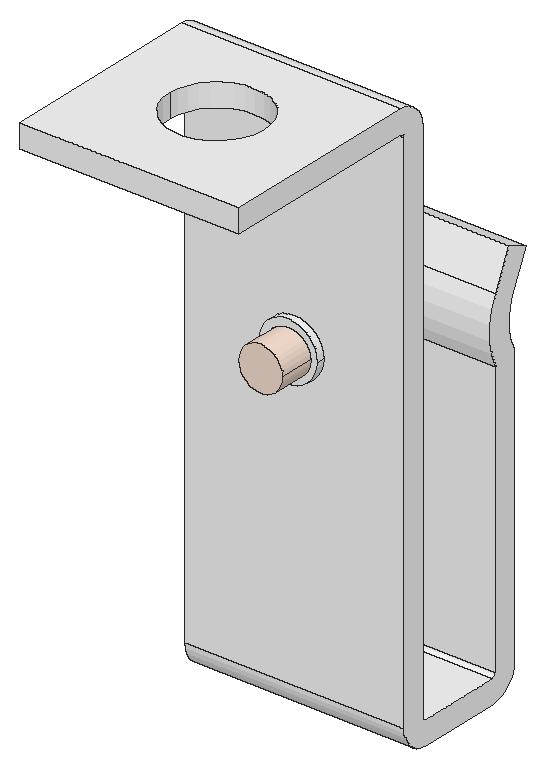
Revit family "rphanger4_c38", category 機械設備, Revit 2022
Family settings
  丸型コネクタ寸法 = 直径を使用
  種別 = なし
  パーツ タイプ = 標準
  作業面ベース = いいえ
  常に垂直 = はい
  ロード時にボイドで切り取り = いいえ
  注釈の向きを維持 = いいえ
  共有 = いいえ
  部屋計算ポイント = いいえ
Parameters
  製造元 = "株式会社桐井製作所"
  既定の高さ = 0 mm
  URL = "https://www.kirii.co.jp/"
  K_板厚(mm) = 3.2 mm
  K_材質 = "SGHC一般用"
  K_品名 = "RPハンガー4分用(C-38)"
  K_名称 = "耐震ハンガー"
  K_入数 = "120"
  K_バージョン情報 = "20211216"
  K_めっき付着量 = "Z12"
  K_JIS規格 = "JIS G 3302"
Reference planes
  plane 1 "中心(正面/背面)": y = 0
  plane 2: z = 0
  plane 3 "中心(左/右)": x = 0
Forms (mm)
  Extrusion 1, solid
    sketch origin (-15, 0, -3.2) x (0, 1, 0) y (0, 0, 1)
      loop
        arc (-9.95, 76.8) -> (-9.596, 76.654) -> (-9.45, 76.301) r 0.5
        line (-9.45, 76.301) -> (-9.45, 3.7)
        arc (-9.45, 3.7) -> (-8.366, 1.084) -> (-5.75, 0) r 3.7
        line (-5.75, 0) -> (5.75, 0)
        arc (5.75, 0) -> (8.366, 1.084) -> (9.45, 3.7) r 3.7
        line (9.45, 3.7) -> (9.45, 41.2)
        arc (9.45, 41.2) -> (9.372, 41.904) -> (9.14, 42.574) r 3.2
        arc (9.14, 42.574) -> (8.438, 45.649) -> (9.097, 48.734) r 7.312
        line (9.097, 48.734) -> (11.412, 53.817) -> (8.501, 55.143) -> (6.25, 50.2)
        arc (6.25, 50.2) -> (5.238, 45.7) -> (6.25, 41.2) r 10.512
        line (6.25, 41.2) -> (6.25, 3.7)
        arc (6.25, 3.7) -> (6.104, 3.346) -> (5.747, 3.2) r 0.5
        line (5.747, 3.2) -> (-5.75, 3.2)
        arc (-5.75, 3.2) -> (-6.104, 3.346) -> (-6.25, 3.7) r 0.5
        line (-6.25, 3.7) -> (-6.25, 76.3)
        arc (-6.25, 76.3) -> (-7.334, 78.916) -> (-9.95, 80) r 3.7
        line (-9.95, 80) -> (-37.699, 80) -> (-37.699, 76.8) -> (-9.95, 76.8)
    from 0 to 30
  Extrusion 2, void
    sketch origin (0, 0, -3.2) x (1, 0, 0) y (0, 0, 1)
      loop
        arc (3.5, 46.695) -> (0, 50.2) -> (-3.5, 46.695) r 3.5
        line (-3.5, 46.695) -> (-3.5, 43.695)
        arc (-3.5, 43.695) -> (0, 40.2) -> (3.5, 43.695) r 3.5
        line (3.5, 43.695) -> (3.5, 46.695)
    from -11 to -4
  Extrusion 3, void
    sketch origin (0, -9.45, -3.2) x (0, 0, -1) y (1, 0, 0)
      loop
        circle (-45.2, 0) r 3
    from -6 to 3
  Extrusion 4, solid
    sketch origin (0, -9.45, -3.2) x (0, 0, -1) y (1, 0, 0)
      loop
        circle (-45.2, 0) r 3
      loop
        circle (-45.2, 0) r 4
    from 0 to 1
  Extrusion 5, void
    sketch origin (0, 0, 0) x (1, 0, 0) y (0, 1, 0)
      loop
        circle (0, -22.699) r 6.5
    from 70 to 80
Cuts and joins
  Extrusion 2, Extrusion 3, Extrusion 5 cuts Extrusion 1
  Extrusion 3 cuts Extrusion 4
  joined: Extrusion 1, Extrusion 4
Dimensions and locks
  aligned and locked: level to plane 2
Nested families
  nested 1: "M6×25ボルト" at (0, 9.82, 42.149) x (-1, 0, 0) z (0, 0, 1), type "M6×25ボルト"
Definition of nested family "M6×25ボルト"
  Parameters (values of type "M6×25ボルト")
    Manufacturer = "株式会社桐井製作所"
    Default Elevation = 0 mm
    URL = "https://www.kirii.co.jp/"
    K_材料規格 = "M6×L25"
    K_品名 = "M6×25ボルト"
    K_名称 = "ボルト"
  Reference planes
    plane 1 "中心(正面/背面)": y = 0
    plane 2: z = 0
    plane 3 "中心(左/右)": x = 0
    plane 4: x = 10
    plane 5: x = -10
    plane 6 "正面": y = -4
  Forms (mm)
    Extrusion 1, solid
      sketch origin (0, 0, 0) x (1, 0, 0) y (0, 0, 1)
        loop
          line (-4.763, -2.946) -> (0, -5.696) -> (4.763, -2.946) -> (4.763, 2.554) -> (0, 5.304) -> (-4.763, 2.554) -> (-4.763, -2.946)
      from 0 to 4
    Extrusion 2, void
      sketch origin (0, -4, 0) x (-1, 0, 0) y (0, 0, 1)
        loop
          circle (0, -0.156) r 4.396
      from 0 to 1
    Extrusion 3, void
      sketch origin (0, -4, 0) x (-1, 0, 0) y (0, 0, 1)
        loop
          arc (-0.6, 1.814) -> (-1.069, 0.856) -> (-2.036, 0.404) r 1.605
          line (-2.036, 0.404) -> (-2.939, 0.404)
          arc (-2.939, 0.404) -> (-3, -0.195) -> (-2.94, -0.795) r 3
          line (-2.94, -0.795) -> (-2.049, -0.795)
          arc (-2.049, -0.795) -> (-1.074, -1.243) -> (-0.6, -2.206) r 1.605
          line (-0.6, -2.206) -> (-0.6, -3.135)
          arc (-0.6, -3.135) -> (0, -3.196) -> (0.6, -3.135) r 3
          line (0.6, -3.135) -> (0.6, -2.206)
          arc (0.6, -2.206) -> (1.074, -1.243) -> (2.049, -0.795) r 1.605
          line (2.049, -0.795) -> (2.94, -0.795)
          arc (2.94, -0.795) -> (3, -0.198) -> (2.941, 0.398) r 3
          line (2.941, 0.398) -> (2.117, 0.398)
          arc (2.117, 0.398) -> (1.098, 0.828) -> (0.6, 1.814) r 1.605
          line (0.6, 1.814) -> (0.6, 2.743)
          arc (0.6, 2.743) -> (0, 2.804) -> (-0.6, 2.743) r 3
          line (-0.6, 2.743) -> (-0.6, 1.814)
      from 0 to 2
    Extrusion 4, solid
      sketch origin (0, 0, 0) x (1, 0, 0) y (0, 0, 1)
        loop
          circle (-0.011, -0.2) r 3
      from 0 to -25
  Cuts and joins
    Extrusion 2, Extrusion 3 cuts Extrusion 1
    joined: Extrusion 1, Extrusion 4
  Dimensions and locks
    aligned and locked: level to plane 2
